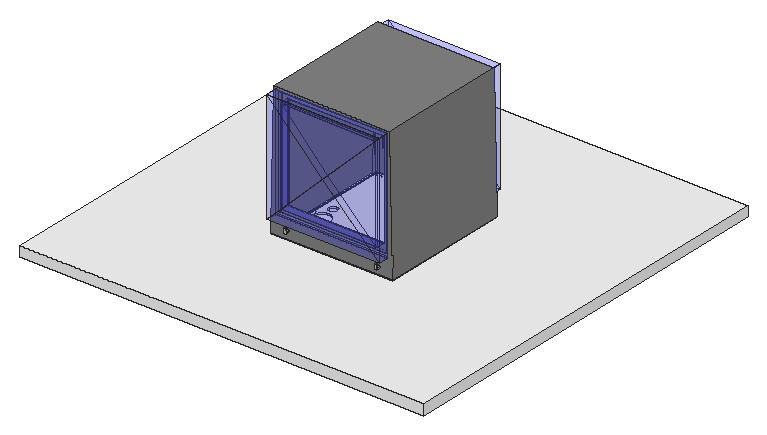
Revit family "BE_50064.5_de_DE", category Leuchten, Revit 2015
Parameters (values of type "BEGA_50064.5_K4")
  built-in parameter 1150104 = 17.852 (stored number, unit not read)
  Wattage = 16.6 W
  Default Elevation = 0 mm
  built-in parameter 1150113 = 1 (stored number, unit not read)
  built-in parameter 1114218 = 1 (stored number, unit not read)
  Umgebungstemperatur = "25 °C"
  URL = "http://www.bega.de/produkt/50064.5"
  Typenkommentare = "© 2017 BEGA. Wir behalten uns das Recht vor, technische Änderungen ohne vorherige Ankündigung vorzunehmen."  # constant formula
  built-in parameter 1150134 = 12
  built-in parameter 1150109 = 1 (stored number, unit not read)
  Strom = ""
  built-in parameter 1150110 = 1 (stored number, unit not read)
  Spannung = 239.996 V
  Sonderanfertigung = no
  Seriennummer [instance] = "Hier können Sie die eindeutige Seriennummer für das Facility Management eintragen."
  Schutzklasse = "I"
  Schutzart = ""
  Scheinlast = 0 VA
  Produktdatenblatt = "http://www.bega.de/download/Xrfa/db/50064.5.db.de.pdf"
  Oberflächentemperatur = ""
  Neigungswinkel = 0.00°
  Modell = "50064.5K4"
  Material_17 = BEGA_Reflektor
  Material_15 = BEGA_Leuchtmedium_matt
  Material_11 = BEGA_Glas_opal
  Material_09 = BEGA_Glas_klar
  Material_08 = BEGA_Oberfläche_Stahl_verzinkt
  Material_06 = BEGA_Oberfläche_Edelstahl_gebürstet
  Material_05 = BEGA_Oberfläche_Aluminium Guss
  Material_03 = BEGA_Oberfläche_Weiss_matt
  Material_02 = BEGA_Oberfläche_Silber_matt
  Material_01 [instance] = BEGA_Oberfläche_Grafit_matt
  M_W = no
  M_G = no
  M_A = no
  Logo = 0
  built-in parameter 1114217 = 1 (stored number, unit not read)
  built-in parameter 1150139 = (empty or 0)
  built-in parameter 1150105 = 253.84 (stored number, unit not read)
  built-in parameter 1150114 = 1 (stored number, unit not read)
  Lumens = 3189.86 lm
  built-in parameter 1150115 = 1 (stored number, unit not read)
  Leuchtenlichtstrom = "1137 lm"
  Leuchtenanzahl = ""
  Lebensdauerkriterien = "L70B50 @ 25 °C = 396000 h"
  Lastklassifizierung = Beleuchtung
  built-in parameter 1150112 = 1 (stored number, unit not read)
  Lampenlichtstrom = "3190 lm"
  Lampe = "LED 16.6 W"
  LED_Modulbezeichnung = "2x LED-0275/830 "
  Hersteller = "BEGA"  # constant formula
  Halbstreuwinkel = ""
  Gewicht = "1.6 kg"
  Gebrauchslageneinschränkung [instance] = ""
  Frequenz = "0/50-60 Hz"
  Farbwiedergabeindex = "Ra > 80"
  Farbtemperaturverschiebung bei Dämpfen der Lampe = <Keine Auswahl>
  Farbtemperatur = "4000 K"
  Color Filter = 16777215
  built-in parameter 1150133 = 10 (stored number, unit not read)
  Energieeffizienzklasse = "LED A++ - A"
  built-in parameter 1150137 = (empty or 0)
  built-in parameter 1150132 = (empty or 0)
  ENEC = ""
  Dimmbar [instance] = "DALI"
  Datei für fotometrisches Netz = "BE_50064K4.IES"
  CE_Konformität = "ja"
  Bestellnummer = "50064.5K4"
  Beschreibung_Sonderanfertigung = "Hier können Sie Informationen zur Sonderanfertigung eintragen."
  Beschreibung = "Wandleuchte"
  built-in parameter 1150106 = 2.5384 (stored number, unit not read)
  Befestigungsbohrung = "Ø 4,5 mm"
  Befestigungsabstand = "84 mm"
  Ballwurfsicher = ""
  BEGA_Intern_aus = yes
  BEGA_Intern_an = yes
  BEGA_Intern_Konstruktion = yes
  BEGA_Intern = yes
  BEGA_IES = yes
  BEGA_Dummy = no
  Anschlussleitung = ""
  Anschlussleistung [instance] = "19.5 W"
  Anschlusskasten = ""
  built-in parameter 1150107 = 4000 (stored number, unit not read)
  built-in parameter 1150102 = (empty or 0)
  built-in parameter 1150138 = (empty or 0)
  Aktualisierung = "2017-06-22T04:08:41"
  Abstand_zur_angestrahlten_Fläche [instance] = ""
  AC/DC = "AC/DC"
Types (2, lengths in mm): name | built-in parameter 1150104 | built-in parameter 1150134 | Modell | built-in parameter 1150105 | Lumens | Leuchtenlichtstrom | Lampenlichtstrom | Farbtemperatur | Datei für fotometrisches Netz | Bestellnummer | built-in parameter 1150106 | built-in parameter 1150107
  BEGA_50064.5_K4 | 17.852 (stored number, unit not read) | 12 | "50064.5K4" | 253.84 (stored number, unit not read) | 3189.86 lm | "1137 lm" | "3190 lm" | "4000 K" | "BE_50064K4.IES" | "50064.5K4" | 2.5384 (stored number, unit not read) | 4000 (stored number, unit not read)
  BEGA_50064.5_K3 | 17.461 (stored number, unit not read) | (empty or 0) | "50064.5" | 248.28 (stored number, unit not read) | 3119.97 lm | "1113 lm" | "3120 lm" | "3000 K" | "BE_50064.IES" | "50064.5" | 2.4828 (stored number, unit not read) | 3000 (stored number, unit not read)
Reference planes
  plane 1 "Mitte (Vorne/Hinten)": y = 0
  plane 2: z = 0
  plane 3 "Mitte (Links/Rechts)": x = 0
  plane 4 "Links": x = -60
  plane 5 "Rechts": x = 60
  plane 6 "Unten": y = -75.718
  plane 7 "Oben": y = 75.718
  plane 8 "Vorne": z = 132
  plane 9 "Hinten": z = 0
Forms (mm)
  Extrusion 1, solid, material "BEGA_Platte_Weiss"
    sketch origin (0, -1119.2, 0) x (1, 0, 0) y (0, 1, 0)
      loop
        line (-200, 1319.2) -> (-200, 919.2) -> (200, 919.2) -> (200, 1319.2) -> (-200, 1319.2)
    from 0 to -10
  Extrusion 2, solid, material "BEGA_Dummy_matt", visible <- "BEGA_Dummy"
    sketch origin (80.095, -76.023, 0) x (1, 0, 0) y (0, 1, 0)
      loop
        line (-140.095, 151.741) -> (-140.095, 0.305) -> (-20.095, 0.305) -> (-20.095, 151.741) -> (-140.095, 151.741)
    from 0 to 132
Dimensions and locks
  plane 1 "Mitte (Vorne/Hinten)" to Extrusion 1 = 200 mm
  aligned and locked: plane 2 to Extrusion 1
  aligned and locked: level to Extrusion 1
Nested families
  nested 1: "BE_50064.5" at (0, 0, 0), type "BE_50064.5"
Connectors
  electrical at (0, 0, 0), driven by "Lastklassifizierung", driven by "Spannung", driven by "Scheinlast"
    settings: index 1, voltage 239.996 V, apparent load 0 VA, apparent load phase1 0 VA, apparent load phase2 0 VA, apparent load phase3 0 VA, power factor 1, load classification "Beleuchtung", number of poles 1, system type 31, power factor state 1, is connector primary yes, connector utility no, sub classification motor no, connector description ""
Definition of nested family "BE_50064.5"
  Parameters (values of type "BE_50064.5")
    Default Elevation = 1 mm
    URL = "http://www.bega.de/de/produkt"
    Type Comments = "© 2015 BEGA. Wir behalten uns das Recht vor, technische Änderungen ohne vorherige Ankündigung vorzunehmen. "  # constant formula
    Type Image = (empty or 0)
    Neigungswinkel_um_Z2 = 0.00°
    Neigungswinkel_um_Z1 = 0.00°
    Neigungswinkel_um_Y2 = 0.00°
    Neigungswinkel_um_Y1 = 0.00°
    Neigungswinkel_um_X2 = 0.00°
    Neigungswinkel_um_X1 = 0.00°
    Material_17 = none
    Material_15 = none
    Material_11 = none
    Material_09 = none
    Material_08 = none
    Material_06 = none
    Material_05 = none
    Material_03 = none
    Material_02 = none
    Material_01 = none
    M_W = yes
    M_G = yes
    M_A = yes
    Länge_Platte = 200 mm  # constant formula
    Höhe_Platte = -10 mm  # constant formula
    Manufacturer = "BEGA"  # constant formula
    Drehwinkel_um_Z2 = 0.00°
    Drehwinkel_um_Z1 = 0.00°
    Breite_Platte = 200 mm  # constant formula
  Reference planes
    plane 1 "Mitte (Oben/Unten)": y = 0
    plane 2: z = 0
    plane 3 "Mitte (Links/Rechts)": x = 0
    plane 4: x = -60
    plane 5: z = 132
    plane 6: x = 60
    plane 7: y = 75.718
    plane 8: y = -75.718
  Forms (mm)
    Extrusion 1, solid, detail levels medium
      sketch origin (0, 0, 0) x (1, 0, 0) y (0, 1, 0)
        loop
          line (-100, 100) -> (-100, -100) -> (100, -100) -> (100, 100) -> (-100, 100)
      from 0 to -10 <- "Höhe_Platte"
    Extrusion 2, void
      sketch origin (0, 0, 0) x (0, 1, 0) y (0, 0, 1)
        loop
          line (-58.45, 129.958) -> (-67.322, 129.958) -> (-67.322, 18.565) -> (-58.45, 18.565) -> (-58.45, 129.958)
        loop
          line (58.45, 130.065) -> (58.45, 18.565) -> (67.693, 18.565) -> (67.693, 130.065) -> (58.45, 130.065)
      from -55.247 to 55.267
    Extrusion 3, void
      sketch origin (0, 0, 0) x (0, 1, 0) y (0, 0, 1)
        loop
          line (-70.047, 121.629) -> (-70.047, 26.562) -> (66.047, 26.562) -> (66.047, 121.629) -> (-70.047, 121.629)
      from -47.5 to 47.553
    Sweep 4, solid, material <- "Material_11", detail levels medium+fine
      path origin (0, 0, 0) x (1, 0, 0) y (0, 0, -1)
        loop
          line (55.831, -130.063) -> (55.831, -18.437) -> (-55.769, -18.437) -> (-55.769, -130.063) -> (55.831, -130.063)
      profile origin (0.031, 0, 130.063) x (0, 0, 1) y (0, 1, 0)
        loop
          line (0.067, -62.867) -> (-2.581, -62.867) -> (-2.738, -58.367) -> (-7.851, -58.367) -> (-8.152, -66.977)
          arc (-8.152, -66.977) -> (-8.43, -67.635) -> (-9.076, -67.939) r 1
          arc (-9.076, -67.939) -> (-32.418, -69.184) -> (-55.793, -69.379) r 520.56
          line (-55.793, -69.379) -> (-55.793, -75.718)
          arc (-55.793, -75.718) -> (-28.065, -75.75) -> (-0.352, -74.864) r 836.627
          line (-0.352, -74.864) -> (0.067, -62.867)
    Sweep 5, solid, material <- "Material_03", detail levels medium+fine
      path origin (0, 0, 0) x (1, 0, 0) y (0, 1, 0)
        loop
          line (60, 64.25) -> (-60, 64.25) -> (-60, -64.25) -> (60, -64.25) -> (60, 64.25)
      profile origin (0, 64.25, 0) x (0, -1, 0) y (0, 0, 1)
        loop
          line (0.5, 0) -> (5, 0)
          arc (5, 0) -> (6.061, 0.439) -> (6.5, 1.5) r 1.5
          line (6.5, 1.5) -> (6.5, 2.5)
          arc (6.5, 2.5) -> (6.646, 2.854) -> (7, 3) r 0.5
          line (7, 3) -> (35.781, 3) -> (35.781, 4) -> (7, 4)
          arc (7, 4) -> (5.939, 3.561) -> (5.5, 2.5) r 1.5
          line (5.5, 2.5) -> (5.5, 1.5)
          arc (5.5, 1.5) -> (5.354, 1.146) -> (5, 1) r 0.5
          line (5, 1) -> (0.5, 1) -> (0.5, 0)
    Extrusion 6, void
      sketch origin (0, 0, 0) x (1, 0, 0) y (0, 1, 0)
        loop
          circle (-40, -26) r 8.5
        loop
          circle (42, -10) r 4.25
        loop
          circle (-42, -10) r 4.25
        loop
          circle (40, -26) r 8.5
      from 0 to 6.683
    Extrusion 7, solid, material <- "Material_03", detail levels medium+fine
      sketch origin (0, 0, 0) x (1, 0, 0) y (0, 1, 0)
        loop
          line (-24.219, -28.469) -> (26.655, -28.469) -> (26.655, 30.554) -> (-24.219, 30.554) -> (-24.219, -28.469)
      from 3 to 4
    Revolve 8, void
      sketch origin (-20, -9.199, 8) x (1, 0, 0) y (0, 1, 0)
        loop
          line (-25, -52.692) -> (-25, -55.966) -> (-21.785, -55.966) -> (-23.112, -53.667) -> (-23.112, -52.692) -> (-25, -52.692)
        axis (-25, -52.692) -> (-25, -55.966)
      angle from 0 to 360
    Revolve 9, solid, material <- "Material_06", detail levels fine
      sketch origin (-45, -16.3, 0) x (0, 1, 0) y (0, 0, 1)
        loop
          line (-49.15, 10) -> (-49.15, 8) -> (-45.433, 8) -> (-45.433, 10.5) -> (-46.575, 10.5) -> (-47.289, 10) -> (-49.15, 10)
        axis (-49.15, 8) -> (-45.433, 8)
      angle from 0 to 360
    Extrusion 10, solid, material <- "Material_01", detail levels medium+fine
      sketch origin (0, 0, 0) x (1, 0, 0) y (0, 0, 1)
        loop
          line (-60, 1) -> (-58.008, 1) -> (-55.755, 130.065) -> (55.755, 130.065) -> (58.008, 1) -> (60, 1) -> (57.713, 132) -> (-57.713, 132) -> (-60, 1)
      from -64.25 to 64.25
    Extrusion 11, solid, material <- "Material_01", detail levels medium+fine
      sketch origin (0, 0, 0) x (1, 0, 0) y (0, 0, 1)
        loop
          line (57.713, 132) -> (-57.713, 132) -> (-60, 1) -> (60, 1) -> (57.713, 132)
      from 57.882 to 64.25
    Extrusion 12, solid, material <- "Material_01", detail levels medium+fine
      sketch origin (0, 0, 0) x (1, 0, 0) y (0, 0, -1)
        loop
          line (57.713, -132) -> (60, -1) -> (-60, -1) -> (-57.713, -132) -> (57.713, -132)
      from 58.018 to 64.25
    Sweep 13, solid, material <- "Material_11", detail levels medium+fine
      path origin (0, 0, 0) x (1, 0, 0) y (0, 0, 1)
        loop
          line (55.831, 130.063) -> (-55.769, 130.063) -> (-55.769, 18.437) -> (55.831, 18.437) -> (55.831, 130.063)
      profile origin (0.031, 0, 130.063) x (0, 0, -1) y (0, -1, 0)
        loop
          line (-0.067, -62.867) -> (0.352, -74.864)
          arc (0.352, -74.864) -> (28.065, -75.75) -> (55.793, -75.718) r 836.627
          line (55.793, -75.718) -> (55.793, -69.379)
          arc (55.793, -69.379) -> (32.418, -69.184) -> (9.076, -67.939) r 520.56
          arc (9.076, -67.939) -> (8.43, -67.635) -> (8.152, -66.977) r 1
          line (8.152, -66.977) -> (7.851, -58.367) -> (2.738, -58.367) -> (2.581, -62.867) -> (-0.067, -62.867)
    Revolve 14, void
      sketch origin (20, -9.199, 8) x (-1, 0, 0) y (0, -1, 0)
        loop
          line (-25, 52.692) -> (-23.112, 52.692) -> (-23.112, 53.667) -> (-21.785, 55.966) -> (-25, 55.966) -> (-25, 52.692)
        axis (-25, 52.692) -> (-25, 55.966)
      angle from 0 to 360
    Revolve 15, solid, material <- "Material_06", detail levels fine
      sketch origin (45, -16.3, 0) x (0, 1, 0) y (0, 0, -1)
        loop
          line (-49.15, -10) -> (-47.289, -10) -> (-46.575, -10.5) -> (-45.433, -10.5) -> (-45.433, -8) -> (-49.15, -8) -> (-49.15, -10)
        axis (-49.15, -8) -> (-45.433, -8)
      angle from 0 to 360
  Cuts and joins
    Extrusion 6 cuts Sweep 5
    joined: Sweep 5, Extrusion 7
    Extrusion 2, Extrusion 3, Revolve 8, Revolve 14 cuts Extrusion 10
    Extrusion 2, Extrusion 3, Revolve 8, Revolve 14 cuts Extrusion 11
    Extrusion 2, Extrusion 3, Revolve 8, Revolve 14 cuts Extrusion 12
    joined: Extrusion 10, Extrusion 11, Extrusion 12
    Revolve 14 cuts Revolve 9
  Dimensions and locks
    equal spacing: Extrusion 1 sketch curve, plane 3 "Mitte (Links/Rechts)", Extrusion 1 sketch curve
    equal spacing: Extrusion 1 sketch curve, plane 1 "Mitte (Oben/Unten)", Extrusion 1 sketch curve
    "Länge_Platte": Extrusion 1 sketch curve to Extrusion 1 sketch curve
    "Breite_Platte": Extrusion 1 sketch curve to Extrusion 1 sketch curve
    aligned and locked: Extrusion 1 to plane 2
    aligned and locked: level to Extrusion 1
  Automatic sketch dimensions
    plane 1 "Mitte (Oben/Unten)" to Extrusion 2 sketch curve = 67.322 mm
    Extrusion 2 sketch curve to Extrusion 2 sketch curve = 8.872 mm
    Extrusion 2 sketch curve to plane 1 "Mitte (Oben/Unten)" = 58.45 mm
    Extrusion 2 sketch curve to Extrusion 2 sketch curve = 9.243 mm
    level to Extrusion 2 sketch curve = 18.565 mm  (x2)
    Extrusion 2 sketch curve to Extrusion 2 sketch curve = 111.393 mm
    Extrusion 2 sketch curve to Extrusion 2 sketch curve = 111.5 mm
    level to Extrusion 3 sketch curve = 26.562 mm
    plane 1 "Mitte (Oben/Unten)" to Extrusion 3 sketch curve = 70.047 mm
    Extrusion 3 sketch curve to plane 1 "Mitte (Oben/Unten)" = 66.047 mm
    Extrusion 3 sketch curve to Extrusion 3 sketch curve = 95.067 mm
    level to Sweep 4 sketch curve = 130.063 mm
    level to Sweep 4 sketch curve = 18.437 mm
    profile plane to Sweep 4 sketch curve = 55.793 mm
    profile plane to Sweep 4 sketch curve = 48.45 mm
    profile plane to Sweep 4 sketch curve = 40.953 mm
    profile plane to Sweep 4 sketch curve = 9.151 mm
    Sweep 4 sketch curve to Sweep 4 sketch curve = 0.999 mm
    profile plane to Sweep 4 sketch curve = 7.851 mm
    profile plane to Sweep 4 sketch curve = 2.738 mm
    profile plane to Sweep 4 sketch curve = 2.581 mm
    profile plane to Sweep 4 sketch curve = 0.352 mm
    Sweep 4 sketch curve to profile plane = 0.067 mm
    Sweep 4 sketch curve to profile plane = 75.718 mm
    Sweep 4 sketch curve to Sweep 4 sketch curve = 0.854 mm
    Sweep 4 sketch curve to Sweep 4 sketch curve = 6.339 mm
    Sweep 4 sketch curve to Sweep 4 sketch curve = 7.886 mm
    Sweep 4 sketch curve to Sweep 4 sketch curve = 0.035 mm
    Sweep 4 sketch curve to Sweep 4 sketch curve = 4.11 mm
    Sweep 4 sketch curve to Sweep 4 sketch curve = 4.5 mm
    Sweep 4 sketch curve to Sweep 4 sketch curve = 309.648 mm
    plane 1 "Mitte (Oben/Unten)" to Sweep 5 sketch curve = 64.25 mm
    Sweep 5 sketch curve to plane 1 "Mitte (Oben/Unten)" = 64.25 mm
    Sweep 5 sketch curve to Sweep 5 sketch curve = 0 mm  (x4)
    Sweep 5 sketch curve to level = 0 mm
    Sweep 5 sketch curve to profile plane = 0.5 mm
    level to Sweep 5 sketch curve = 1 mm
    Sweep 5 sketch curve to Sweep 5 sketch curve = 4.5 mm
    Sweep 5 sketch curve to Sweep 5 sketch curve = 0.5 mm  (x2)
    level to Sweep 5 sketch curve = 3 mm
    Sweep 5 sketch curve to Sweep 5 sketch curve = 28.781 mm
    plane 1 "Mitte (Oben/Unten)" to Extrusion 6 sketch curve = 26 mm  (x2)
    plane 1 "Mitte (Oben/Unten)" to Extrusion 6 sketch curve = 10 mm  (x2)
    plane 1 "Mitte (Oben/Unten)" to Extrusion 7 sketch curve = 28.469 mm
    Extrusion 7 sketch curve to plane 1 "Mitte (Oben/Unten)" = 30.554 mm
    Revolve 8 sketch curve to Revolve 8 sketch curve = 1.327 mm
    plane 1 "Mitte (Oben/Unten)" to Revolve 8 sketch curve = 65.166 mm
    Revolve 8 sketch curve to Revolve 8 sketch curve = 2.299 mm
    Revolve 8 sketch curve to Revolve 8 sketch curve = 0.976 mm
    Revolve 8 sketch curve to Revolve 8 sketch curve = 0.894 mm
    Revolve 8 sketch curve to Revolve 8 sketch curve = 1.743 mm
    level to Revolve 9 sketch curve = 10 mm
    plane 1 "Mitte (Oben/Unten)" to Revolve 9 sketch curve = 65.45 mm
    Revolve 9 sketch curve to Revolve 9 sketch curve = 1.861 mm
    level to Revolve 9 sketch curve = 10.5 mm
    Revolve 9 sketch curve to Revolve 9 sketch curve = 0.714 mm
    Revolve 9 sketch curve to Revolve 9 sketch curve = 1.142 mm
    Revolve 9 sketch curve to Revolve 9 sketch curve = 2 mm  (x2)
    Revolve 9 sketch curve to Revolve 9 sketch curve = 0.817 mm
    Revolve 9 sketch curve to Revolve 9 sketch curve = 0 mm
    level to Extrusion 10 sketch curve = 1 mm  (x2)
    Extrusion 10 sketch curve to Extrusion 10 sketch curve = 1.992 mm  (x2)
    Extrusion 10 sketch curve to Extrusion 10 sketch curve = 1.959 mm  (x2)
    Extrusion 10 sketch curve to Extrusion 10 sketch curve = 129.065 mm
    Extrusion 10 sketch curve to Extrusion 10 sketch curve = 1.935 mm
    level to Extrusion 11 sketch curve = 1 mm
    Extrusion 11 sketch curve to Extrusion 11 sketch curve = 131 mm
    level to Extrusion 12 sketch curve = 1 mm
    Extrusion 12 sketch curve to Extrusion 12 sketch curve = 131 mm
    level to Sweep 13 sketch curve = 18.437 mm
    Sweep 13 sketch curve to Sweep 13 sketch curve = 111.626 mm
    profile plane to Sweep 13 sketch curve = 0.067 mm
    Sweep 13 sketch curve to profile plane = 0.352 mm
    Sweep 13 sketch curve to profile plane = 2.581 mm
    Sweep 13 sketch curve to profile plane = 2.738 mm
    Sweep 13 sketch curve to Sweep 13 sketch curve = 5.113 mm
    Sweep 13 sketch curve to Sweep 13 sketch curve = 5.571 mm
    Sweep 13 sketch curve to Sweep 13 sketch curve = 0.999 mm
    Sweep 13 sketch curve to profile plane = 40.953 mm
    Sweep 13 sketch curve to profile plane = 48.45 mm
    Sweep 13 sketch curve to Sweep 13 sketch curve = 46.642 mm
    Sweep 13 sketch curve to profile plane = 75.718 mm
    Sweep 13 sketch curve to Sweep 13 sketch curve = 0.854 mm
    Sweep 13 sketch curve to Sweep 13 sketch curve = 6.339 mm
    Sweep 13 sketch curve to Sweep 13 sketch curve = 7.886 mm
    Sweep 13 sketch curve to Sweep 13 sketch curve = 0.035 mm
    Sweep 13 sketch curve to Sweep 13 sketch curve = 4.11 mm
    Sweep 13 sketch curve to Sweep 13 sketch curve = 4.5 mm
    Sweep 13 sketch curve to Sweep 13 sketch curve = 309.648 mm
    Revolve 14 sketch curve to Revolve 14 sketch curve = 1.327 mm
    plane 1 "Mitte (Oben/Unten)" to Revolve 14 sketch curve = 61.891 mm
    Revolve 14 sketch curve to Revolve 14 sketch curve = 0.976 mm
    Revolve 14 sketch curve to Revolve 14 sketch curve = 2.299 mm
    Revolve 14 sketch curve to Revolve 14 sketch curve = 1.743 mm
    Revolve 14 sketch curve to Revolve 14 sketch curve = 0.894 mm
    level to Revolve 15 sketch curve = 10 mm
    plane 1 "Mitte (Oben/Unten)" to Revolve 15 sketch curve = 65.45 mm
    Revolve 15 sketch curve to Revolve 15 sketch curve = 1.861 mm
    level to Revolve 15 sketch curve = 10.5 mm
    Revolve 15 sketch curve to Revolve 15 sketch curve = 0.714 mm
    Revolve 15 sketch curve to Revolve 15 sketch curve = 1.142 mm
    Revolve 15 sketch curve to Revolve 15 sketch curve = 2.5 mm
    Revolve 15 sketch curve to Revolve 15 sketch curve = 2 mm
    Revolve 15 sketch curve to Revolve 15 sketch curve = 0.817 mm
    Revolve 15 sketch curve to Revolve 15 sketch curve = 0 mm
    Sweep 4 sketch curve to plane 3 "Mitte (Links/Rechts)" = 55.769 mm
    Sweep 5 sketch curve to plane 3 "Mitte (Links/Rechts)" = 60 mm
    Extrusion 6 sketch curve to plane 3 "Mitte (Links/Rechts)" = 40 mm
    Extrusion 6 sketch curve to Extrusion 6 sketch curve = 2 mm  (x2)
    Extrusion 7 sketch curve to plane 3 "Mitte (Links/Rechts)" = 24.219 mm
    Revolve 8 sketch curve to plane 3 "Mitte (Links/Rechts)" = 45 mm
    Revolve 8 sketch curve to Revolve 8 sketch curve = 1.888 mm
    Revolve 8 sketch curve to Revolve 8 sketch curve = 0 mm
    Extrusion 10 sketch curve to plane 3 "Mitte (Links/Rechts)" = 55.755 mm
    Extrusion 10 sketch curve to plane 3 "Mitte (Links/Rechts)" = 58.008 mm
    Extrusion 11 sketch curve to plane 3 "Mitte (Links/Rechts)" = 57.713 mm
    Extrusion 11 sketch curve to plane 3 "Mitte (Links/Rechts)" = 60 mm
    Extrusion 12 sketch curve to plane 3 "Mitte (Links/Rechts)" = 57.713 mm
    Extrusion 12 sketch curve to plane 3 "Mitte (Links/Rechts)" = 60 mm
    Sweep 13 sketch curve to plane 3 "Mitte (Links/Rechts)" = 55.769 mm
    plane 3 "Mitte (Links/Rechts)" to Sweep 4 sketch curve = 55.831 mm
    plane 3 "Mitte (Links/Rechts)" to Sweep 5 sketch curve = 60 mm
    plane 3 "Mitte (Links/Rechts)" to Extrusion 6 sketch curve = 40 mm
    plane 3 "Mitte (Links/Rechts)" to Extrusion 7 sketch curve = 26.655 mm
    plane 3 "Mitte (Links/Rechts)" to Extrusion 10 sketch curve = 55.755 mm
    plane 3 "Mitte (Links/Rechts)" to Extrusion 10 sketch curve = 58.008 mm
    plane 3 "Mitte (Links/Rechts)" to Extrusion 11 sketch curve = 57.713 mm
    plane 3 "Mitte (Links/Rechts)" to Extrusion 11 sketch curve = 60 mm
    plane 3 "Mitte (Links/Rechts)" to Extrusion 12 sketch curve = 57.713 mm
    plane 3 "Mitte (Links/Rechts)" to Extrusion 12 sketch curve = 60 mm
    plane 3 "Mitte (Links/Rechts)" to Sweep 13 sketch curve = 55.831 mm
    plane 3 "Mitte (Links/Rechts)" to Revolve 14 sketch curve = 45 mm
    Revolve 14 sketch curve to Revolve 14 sketch curve = 1.888 mm
    Revolve 14 sketch curve to Revolve 14 sketch curve = 0 mm
    radius of Extrusion 6 sketch curve = 8.5 mm  (x2)
    radius of Extrusion 6 sketch curve = 4.25 mm  (x2)
